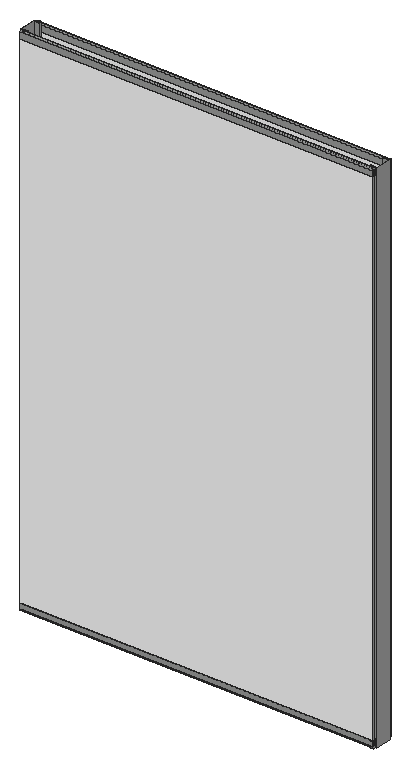
Revit family "FILIGREE_DOUBLE_MESH_PANEL", category Specialty Equipment, Revit 2024
Family settings
  Round Connector Dimension = Use Diameter
  Part Type = Normal
  OmniClass Number = 23.55.00.00
  OmniClass Title = Manufactured Structures
  Work Plane-Based = No
  Enable Cutting in Views = No
  Always vertical = No
  Cut with Voids When Loaded = No
  Maintain Annotation Orientation = No
  Shared = No
  Room Calculation Point = No
Parameters (values of type "Assembly")
  Width [instance] = if(Desired Overall Width < C Min Width, C Min Width, if(Desired Overall Width > C Max Width, C Max Width, Desired Overall Width))  # 4' - 0"
  Warranty URL = "https://palmshieldlouvers.com/wp-content/uploads/2020/01/PalmSHIELD-Warranty-NO-SIGN-LINE.pdf"
  Version = "2020 - v1.0a"  # constant formula
  URL = "https://palmshieldlouvers.com/"
  Product Page URL = "https://palmshieldlouvers.com/products/trellis-louvers/"
  Product Documentation Link = "https://palmshieldlouvers.com/wp-content/uploads/2022/03/PalmSHIELD-ESPALIER-trellis-panel-system-specifications-1.doc"
  Offset From Surface = 0' - 2"  # constant formula
  Model = "Filigree Trellis System - Double"  # constant formula
  Material = Metal - PalmSHIELD - Dusty Grey
  Manufacturer Phone Number = "531-329-4406 "  # constant formula
  Manufacturer Email = "mailto: info@palmshieldlouvers.com"
  Manufacturer Address = "12330 Cary Circle, La Vista, NE 68128"  # constant formula
  Manufacturer = "PalmSHIELD"  # constant formula
  Louver Finish = Metal - PalmSHIELD - Grey Beige
  Keynote = "05 10 00"
  Instruction Sheet Link = "https://palmshieldlouvers.com/wp-content/uploads/2020/01/PalmSHIELD-Post-Panel-Gate-Installation-Instructions-REV-1.pdf"
  ID [instance] = "Not Assigned"
  Height [instance] = if(Desired Overall Height < C Min Height, C Min Height, if(Desired Overall Height > C Max Height, C Max Height, Desired Overall Height))  # 6' - 0"
  Desired Overall Width [instance] = 4' - 0"
  Desired Overall Height [instance] = 6' - 0"
  Desired Bottom Angle [instance] = 0.00°
  Description = "Filigree Trellis System - Double - Panel Assembly"  # constant formula
  Default Elevation = 0' - 0"
  Copyright = "Copyright ©2024 The American Fence Company and PalmSHIELD. All Rights Reserved."  # constant formula
  Component Vis [instance] = yes
  Component Name [instance] = "Filigree Trellis System - Double - Panel Assembly"  # constant formula
  C Min Width [instance] = 4' - 0"  # constant formula
  C Min Height [instance] = C Min Width  # 4' - 0"
  C Max Width [instance] = 5' - 0"  # constant formula
  C Max Height [instance] = 10' - 0"  # constant formula
  C Angle [instance] = if(Desired Bottom Angle > 10.00°, 10.00°, if(Desired Bottom Angle < -10.00°, -10.00°, Desired Bottom Angle))  # 0.00°
  Assembly Code = "F1020100"
Reference planes (in)
  plane 1 "Center (Front/Back)": y = 0
  plane 2: z = 0
  plane 3 "Center (Left/Right)": x = 0
  plane 4: z = 72
  plane 5: x = 48
  plane 6: y = 2.75
  plane 7: y = 1.375
  plane 8: y = 0.125
Lines and regions (in)
  reference lines
    curve 1: line (48, 0, 96.95698) -> (48, 0, -11)
    curve 2: line (-20.8931, 0, 72) -> (71.1069, 0, 72)
Dimensions and locks (in)
  "Desired Overall Height": curve 2 to level
  "Desired Overall Width": curve 1 to plane 3 "Center (Left/Right)"
  "Height": plane 4 to level
  "Width": plane 5 to plane 3 "Center (Left/Right)"
  equal spacing: plane 1 "Center (Front/Back)", plane 7, plane 6
  aligned and locked: plane 2 to level
Automatic sketch dimensions
  curve 2 to plane 3 "Center (Left/Right)" = 1' - 8.8931"
  plane 5 to curve 2 = 1' - 11.1069"
  curve 1 to level = 0' - 11"
  plane 4 to curve 1 = 2' - 0.95698"
Nested families (in)
  nested 1: "Nested-Louver-Assembly-Panel-Palmshield-Filigree_Trellis_System-Double" at (0, 0, 0), Desired Overall Height <- "Desired Overall Height", Desired Overall Width <- "Desired Overall Width", ID <- "ID", Height <- "Height", Width <- "Width", Component Vis <- "Component Vis", visible <- "Component Vis", type "Assembly"
    with Width 4' - 0", Louver Length 3' - 8", ID "Not Assigned", Height 6' - 0", Desired Overall Width 4' - 0", Desired Overall Height 6' - 0", Desired Bottom Angle 0.00°, Component Vis yes, Component Name "Filigree Trellis System - Double - Panel Assembly", C Top Post Length 4' - 0", C Straight Corner Angle 45.00°, C Slope Angle 0.00°, C Side Frame Width 0' - 3", C Side Adjustment 0' - 0", C Right Side Angle 0.00°, C Rib Thickness Bottom Offset 0' - 0 1/4", C Rib Bottom Side Offset 0' - 0", C Louver Offset 0' - 3", C Louver Count 28, C Left Side Angle 0.00°, C Hip 4' - 0", C Frame Offset 0' - 2", C Corner Offset 0' - 3", C Bottom Length 3' - 11 1/2", C Back L Frame Offset 0' - 5", C B-Side Post Length 6' - 0", C B-Side Angle 45.00°, C Angle 90.00°, C A-Side Post Length 6' - 0", C A-Side Angle 45.00°
  nested 2: "Nested-L_Frame-Palmshield-Espalier_Trellis_System-Single" at (47.75, 0, 72) x (0, 1, 0) z (0, 0, -1), type "AL L3" X 3" X 1/4""
    with Slope Angle 0.00°, Material Metal - PalmSHIELD - Dusty Grey, Length 3' - 11 1/2", ID "Not Assigned", Component Name "Filigree Trellis System - Aluminum - U-Edging", B-Side Cut Angle 0.00°, A-Side Cut Angle 0.00°
  nested 3: "Nested-Box_Frame-Palmshield-Espalier_Trellis_System-Single" at (0, 0.376, 72) x (0, 1, 0) z (1, 0, 0), type "AL 1/4" X 3" FB"
    with Slope Angle 0.00°, Material Metal - PalmSHIELD - Dusty Grey, Length 5' - 10", ID "Not Assigned", Component Name "Filigree Trellis System - Channel", B-Side Cut Angle 0.00°, A-Side Cut Angle 0.00°
  nested 4: "Nested-Box_Frame-Palmshield-Espalier_Trellis_System-Single" at (48, 0.376, 2) x (0, 1, 0) z (-1, 0, 0), type "AL 1/4" X 3" FB"
    with Slope Angle 0.00°, Material Metal - PalmSHIELD - Dusty Grey, Length 5' - 10", ID "Not Assigned", Component Name "Filigree Trellis System - Channel", B-Side Cut Angle 0.00°, A-Side Cut Angle 0.00°
  nested 5: "Nested-L_Frame-Palmshield-Espalier_Trellis_System-Single" at (0.25, 0.376, 2) x (0, -1, 0) z (0, 0, 1), type "AL L3" X 3" X 1/4""
    with Slope Angle 0.00°, Material Metal - PalmSHIELD - Dusty Grey, Length 3' - 11 1/2", ID "Not Assigned", Component Name "Filigree Trellis System - Aluminum - U-Edging", B-Side Cut Angle 0.00°, A-Side Cut Angle 0.00°
  nested 6: "Nested-L_Frame-Palmshield-Espalier_Trellis_System-Single" at (47.75, 3, 72) x (0, -1, 0) z (0, 0, -1), type "AL L3" X 3" X 1/4""
    with Slope Angle 0.00°, Material Metal - PalmSHIELD - Dusty Grey, Length 3' - 11 1/2", ID "Not Assigned", Component Name "Filigree Trellis System - Aluminum - U-Edging", B-Side Cut Angle 0.00°, A-Side Cut Angle 0.00°
  nested 7: "Nested-L_Frame-Palmshield-Espalier_Trellis_System-Single" at (0.25, 2.624, 2) x (0, 1, 0) z (0, 0, 1), type "AL L3" X 3" X 1/4""
    with Slope Angle 0.00°, Material Metal - PalmSHIELD - Dusty Grey, Length 3' - 11 1/2", ID "Not Assigned", Component Name "Filigree Trellis System - Aluminum - U-Edging", B-Side Cut Angle 0.00°, A-Side Cut Angle 0.00°
Definition of nested family "Nested-Louver-Assembly-Panel-Palmshield-Filigree_Trellis_System-Double"
  Parameters (values of type "Assembly")
    Width [instance] = if(Desired Overall Width < 4' 0", 4' 0", if(Desired Overall Width > 5' 0", 5' 0", Desired Overall Width))  # 4' - 0"
    Warranty URL = "https://palmshieldlouvers.com/wp-content/uploads/2020/01/PalmSHIELD-Warranty-NO-SIGN-LINE.pdf"
    Version = "2020 - v1.0a"  # constant formula
    URL = "https://palmshieldlouvers.com/"
    Panel Surface Finish = none
    Offset From Surface = 0' - 2"  # constant formula
    Material Note = "For More Panel Finish Options, Please Contact the Manufacturer"  # constant formula
    Material = none
    Louver Separation = 0' - 2 3/8"  # constant formula
    Product Page URL = "https://palmshieldlouvers.com/products/augustus-solid/"
    Product Documentation Link = "https://palmshieldlouvers.com/wp-content/uploads/2020/05/PalmSHIELD-Solid-Composite-Technical-Data-Sheet.pdf"
    Model = "Filigree Trellis System - Double"  # constant formula
    Manufacturer Phone Number = "531-329-4406 "  # constant formula
    Manufacturer Fax Number = "Consult Manufacturer Website for More Information"  # constant formula
    Manufacturer Email = "mailto: info@palmshieldlouvers.com"
    Manufacturer Address = "12330 Cary Circle, La Vista, NE 68128"  # constant formula
    Manufacturer = "PalmSHIELD"  # constant formula
    Louver Length [instance] = Width - 2 * C Side Frame Width + 0' 2"  # 3' - 8"
    Keynote = "05 10 00"
    Instruction Sheet Link = "https://palmshieldlouvers.com/wp-content/uploads/2020/01/PalmSHIELD-Post-Panel-Gate-Installation-Instructions-REV-1.pdf"
    ID [instance] = "Not Assigned"
    Height [instance] = if(Desired Overall Height < 3' 0", 3' 0", if(Desired Overall Height > 10' 0", 10' 0", Desired Overall Height))  # 6' - 0"
    Frame Width = 0' - 3"  # constant formula
    Frame Thickness = 0' - 0 1/4"  # constant formula
    Desired Overall Width [instance] = 4' - 0"
    Desired Overall Height [instance] = 6' - 0"
    Description = "Filigree Trellis System - Double - Panel Assembly"  # constant formula
    Default Elevation = 0' - 0"
    Copyright = "Copyright ©2024 The American Fence Company and PalmSHIELD. All Rights Reserved."  # constant formula
    Component Vis [instance] = yes
    Component Name [instance] = "Filigree Trellis System - Double - Panel Assembly"  # constant formula
    C Top Post Length [instance] = Width  # 4' - 0"
    C Straight Corner Angle [instance] = 0.00°
    C Slope Angle [instance] = if(Desired Bottom Angle < -25.00°, 25.00°, if(Desired Bottom Angle > 25.00°, 25.00°, Desired Bottom Angle))  # 0.00°
    C Side Frame Width [instance] = 0' - 3"  # constant formula
    C Right Side Angle [instance] = -C Slope Angle  # 0.00°
    C Rib Thickness Bottom Offset [instance] = Frame Thickness * cos(C Slope Angle)  # 0' - 0 1/4"
    C Rib Bottom Side Offset [instance] = if(C Slope Angle < 0.00°, -Frame Thickness * sin(C Slope Angle), Frame Thickness * sin(C Slope Angle))  # 0' - 0"
    C Louver Overlap = 0' - 0 5/8"  # constant formula
    C Louver Offset [instance] = if(C Side Adjustment < 0' 0", -C Side Adjustment + (Frame Width / sin([C A-Side Angle])) * cos([C A-Side Angle]), Frame Width)  # 0' - 3"
    C Louver Count [instance] = if(C Slope Angle < 0.00°, (Height - 2 * Frame Width + C Louver Overlap * 2) / Louver Separation, (Height - 2 * Frame Width + C Louver Overlap * 2 - C Hip * sin(C Slope Angle)) / Louver Separation)  # 28
    C Left Side Angle [instance] = C Slope Angle  # 0.00°
    C Hip [instance] = Width / cos(C Slope Angle)  # 4' - 0"
    C Side Adjustment [instance] = -C Hip * sin(C Slope Angle)  # 0' - 0"
    C Frame Offset [instance] = C Side Frame Width - 0' 1"  # 0' - 2"
    C Corner Offset [instance] = if(C Slope Angle > 0.00°, Frame Width / sin([C A-Side Angle]) * cos([C A-Side Angle]), if(C Slope Angle < 0.00°, Frame Width / sin([C A-Side Angle]) * cos([C A-Side Angle]), 0' 3"))  # 0' - 3"
    C Bottom Length [instance] = Width - 2 * Frame Thickness  # 3' - 11 1/2"
    C Back L Frame Offset [instance] = 0' 5" - (Frame Thickness * sin(C Slope Angle))  # 0' - 5"
    C B-Side Post Length [instance] = Height + C Side Adjustment  # 6' - 0"
    C B-Side Angle [instance] = (90.00° - C Slope Angle) / 2  # 45.00°
    C Angle [instance] = if(C Slope Angle < -25.00°, 90.00° - 25.00°, if(C Slope Angle > 25.00°, 90.00° + 25.00°, 90.00° - C Slope Angle))  # 90.00°
    Desired Bottom Angle [instance] = 0.00°
    C A-Side Post Length [instance] = Height  # 6' - 0"
    C A-Side Angle [instance] = (90.00° + C Slope Angle) / 2  # 45.00°
    Assembly Code = "F1020100"
  Reference planes (in)
    plane 1 "Center (Front/Back)": y = 0
    plane 2: z = 0
    plane 3 "Side A": x = 0
    plane 4 "Top": z = 72
    plane 5 "Side B": x = 48
    plane 6: z = 2
    plane 7: x = 0.25
    plane 8: x = 47.75
    plane 9: z = 69
    plane 10: z = 69.625
    plane 11: y = 0.25
    plane 12: y = 1.125
    plane 13: z = 71.75
    plane 14: z = 2
    plane 15: z = 2.25
    plane 16: x = 0
    plane 17: x = 2
    plane 18 "Front": y = 3
    plane 19: y = 1.5
    plane 20: x = 24
    plane 21: z = 3
    plane 22: y = 2.75
    plane 23: y = 0.376
    plane 24: x = 47.75
  Forms (in)
    Extrusion 1, solid
      sketch origin (0, 0, 0) x (1, 0, 0) y (0, 1, 0)
        loop
          line (-48, 48) -> (-48, -48) -> (48, -48) -> (48, 48) -> (-48, 48)
      from 0 to -12
  Lines and regions (in)
    reference lines
      curve 1: line (0, 0, 2) -> (84, 0, 2)
      curve 2: line (-27.58202, 0, 72) -> (60.81396, 0, 72)
      curve 3: line (48, 0, 76.70206) -> (48, 0, -11.93476)
      curve 4: line (0, 0, 5) -> (48, 0, 5)
      curve 5: line (0, 0, 5) -> (5.25, 0, 5)
      curve 6: line (48, 0, 5) -> (42.5, 0, 5)
      curve 7: line (0, 0, 10) -> (5.25, 0, 10)
      curve 8: line (0, 0, 5) -> (5.25, 0, 5)
      curve 9: line (48, 0, 0) -> (42.5, 0, 0)
      curve 10: line (48, 0, 5) -> (42.5, 0, 5)
  Dimensions and locks (in)
    "Width": plane 5 "Side B" to plane 3 "Side A"
    "Offset From Surface": plane 6 to Extrusion 1
    "Frame Thickness": plane 7 to plane 3 "Side A"
    "Frame Thickness": plane 5 "Side B" to plane 8
    "Frame Width": plane 4 "Top" to plane 9
    "C Louver Overlap": plane 10 to plane 9
    "Frame Thickness": plane 11 to plane 1 "Center (Front/Back)"
    plane 3 "Side A" to plane 5 "Side B" = 4' - 0"
    "Frame Thickness": plane 4 "Top" to plane 13
    "C Rib Thickness Bottom Offset": plane 15 to plane 6
    "C Rib Bottom Side Offset": plane 3 "Side A" to plane 16
    "Desired Overall Width": curve 3 to plane 3 "Side A"
    "C Frame Offset": plane 17 to plane 3 "Side A"
    "Frame Width": plane 1 "Center (Front/Back)" to plane 18 "Front"
    equal spacing: plane 1 "Center (Front/Back)", plane 19, plane 18 "Front"
    equal spacing: plane 5 "Side B", plane 20, plane 3 "Side A"
    locked: curve 5 to plane 3 "Side A" at 5.25
    locked: plane 5 "Side B" to curve 6 at 5.5
    locked: curve 7 to plane 3 "Side A" at 5.25
    locked: curve 8 to plane 3 "Side A" at 5.25
    locked: plane 5 "Side B" to curve 10 at 5.5
    locked: plane 5 "Side B" to curve 9 at 5.5
    locked: plane 21 to plane 6 at 1
    locked: plane 18 "Front" to plane 22 at 0.25
    "Desired Overall Height": curve 2 to plane 2
    "Height": plane 4 "Top" to plane 2
    locked: plane 1 "Center (Front/Back)" to plane 23 at 0.376
    "Frame Thickness": plane 5 "Side B" to plane 24
    "C Angle": angle curve 1 to plane 3 "Side A"
    locked: curve 5 to plane 3 "Side A" (angle 90.00°)
    locked: plane 5 "Side B" to curve 6 (angle 90.00°)
    locked: curve 7 to plane 3 "Side A" (angle 90.00°)
    locked: curve 8 to plane 3 "Side A" (angle 90.00°)
    locked: plane 5 "Side B" to curve 10 (angle 90.00°)
    locked: plane 5 "Side B" to curve 9 (angle 90.00°)
    aligned and locked: plane 2 to Extrusion 1
    aligned and locked: level to Extrusion 1
    aligned and locked: plane 6 to curve 1
    aligned and locked: plane 3 "Side A" to curve 1
    aligned and locked: nested 1 to plane 1 "Center (Front/Back)"
    aligned and locked: plane 3 "Side A" to curve 4
    aligned and locked: plane 5 "Side B" to curve 4
    aligned and locked: plane 3 "Side A" to curve 5
    aligned and locked: plane 5 "Side B" to curve 6
    aligned and locked: curve 4 to curve 4
    aligned and locked: curve 4 to curve 6
    aligned and locked: plane 3 "Side A" to curve 7
    aligned and locked: plane 3 "Side A" to curve 8
    aligned and locked: plane 5 "Side B" to curve 10
    aligned and locked: plane 5 "Side B" to curve 9
    aligned and locked: nested 2 to plane 20
    aligned and locked: plane 23 to nested 3
    aligned and locked: plane 23 to nested 4
    aligned and locked: nested 5 to plane 1 "Center (Front/Back)"
    aligned and locked: plane 14 to nested 4
    aligned and locked: plane 4 "Top" to nested 4
    aligned and locked: nested 3 to plane 4 "Top"
    aligned and locked: nested 3 to plane 6
    aligned and locked: plane 24 to nested 1
    aligned and locked: nested 1 to plane 7
    aligned and locked: nested 5 to plane 7
    aligned and locked: nested 6 to nested 7
    aligned and locked: plane 18 "Front" to nested 8
    aligned and locked: nested 7 to plane 18 "Front"
    aligned and locked: plane 7 to nested 8
    aligned and locked: nested 6 to plane 7
    aligned and locked: plane 20 to nested 7
  Automatic sketch dimensions
    Extrusion 1 sketch curve to Extrusion 1 sketch curve = 8' - 0"  (x2)
    curve 1 to curve 4 = 0' - 3"
    curve 5 to curve 4 = 0' - 0"
    curve 8 to curve 5 = 0' - 0"
    curve 5 to curve 7 = 0' - 5"
    curve 10 to curve 6 = 0' - 0"
    curve 6 to curve 9 = 0' - 5"
    curve 2 to plane 3 "Side A" = 2' - 3 149/256"
    plane 5 "Side B" to curve 2 = 1' - 0.81396"
    curve 3 to level = 0' - 11.93476"
    plane 4 "Top" to curve 3 = 0' - 4.70206"
  Nested families (in)
    nested 1: "Nested-L_Frame-Palmshield-Espalier_Trellis_System-Single" at (47.75, 0, 72) x (0, 1, 0) z (0, 0, -1), ID <- "ID", Material <- "Material", A-Side Cut Angle <- "C Straight Corner Angle", B-Side Cut Angle <- "C Straight Corner Angle", visible <- "Component Vis", type "AL L3" X 3" X 1/4""
      with Slope Angle 0.00°, Material none, Length 3' - 11 1/2", ID "Not Assigned", Component Name "Filigree Trellis System - Aluminum - U-Edging", B-Side Cut Angle 0.00°, A-Side Cut Angle 0.00°
    nested 2: "(Do_Not_Use-Nested)-Aluminum_Sheet-Palmshield-Espalier_Trellis_System" at (0.25, 0, 3), Material <- "Material", Surface Finish <- "Panel Surface Finish", C Overall Panel Height <- "Height", C Overall Panel Width <- "Width", C Angle <- "C Angle", visible <- "Component Vis", type "Perforated Sheet"
      with Width 3' - 11 1/2", Surface Finish none, Material none, ID "", Height 5' - 8", Component Name "Espalier Trellis System - Perforated Sheet", C Overall Panel Width 4' - 0", C Overall Panel Height 6' - 0", C Frame Thickness 0' - 0 1/4", C Angle 90.00°
    nested 3: "Nested-Box_Frame-Palmshield-Espalier_Trellis_System-Single" at (0, 0.376, 72) x (0, 1, 0) z (1, 0, 0), visible <- "Component Vis", type "AL 1/4" X 3" FB"
      with Slope Angle 0.00°, Material none, Length 5' - 10", ID "Not Assigned", Component Name "Filigree Trellis System - Channel", B-Side Cut Angle 0.00°, A-Side Cut Angle 0.00°
    nested 4: "Nested-Box_Frame-Palmshield-Espalier_Trellis_System-Single" at (48, 0.376, 2) x (0, 1, 0) z (-1, 0, 0), visible <- "Component Vis", type "AL 1/4" X 3" FB"
      with Slope Angle 0.00°, Material none, Length 5' - 10", ID "Not Assigned", Component Name "Filigree Trellis System - Channel", B-Side Cut Angle 0.00°, A-Side Cut Angle 0.00°
    nested 5: "Nested-L_Frame-Palmshield-Espalier_Trellis_System-Single" at (0.25, 0.376, 2) x (0, -1, 0) z (0, 0, 1), ID <- "ID", Material <- "Material", A-Side Cut Angle <- "C Straight Corner Angle", B-Side Cut Angle <- "C Straight Corner Angle", visible <- "Component Vis", Length <- "C Bottom Length", type "AL L3" X 3" X 1/4""
      with Slope Angle 0.00°, Material none, Length 3' - 11 1/2", ID "Not Assigned", Component Name "Filigree Trellis System - Aluminum - U-Edging", B-Side Cut Angle 0.00°, A-Side Cut Angle 0.00°
    nested 6: "Nested-L_Frame-Palmshield-Espalier_Trellis_System-Single" at (47.75, 3, 72) x (0, -1, 0) z (0, 0, -1), ID <- "ID", Material <- "Material", A-Side Cut Angle <- "C Straight Corner Angle", B-Side Cut Angle <- "C Straight Corner Angle", visible <- "Component Vis", Length <- "C Bottom Length", type "AL L3" X 3" X 1/4""
      with Slope Angle 0.00°, Material none, Length 3' - 11 1/2", ID "Not Assigned", Component Name "Filigree Trellis System - Aluminum - U-Edging", B-Side Cut Angle 0.00°, A-Side Cut Angle 0.00°
    nested 7: "(Do_Not_Use-Nested)-Aluminum_Sheet-Palmshield-Espalier_Trellis_System" at (0.25, 3, 3), Material <- "Material", Surface Finish <- "Panel Surface Finish", C Overall Panel Height <- "Height", C Overall Panel Width <- "Width", C Angle <- "C Angle", visible <- "Component Vis", type "Perforated Sheet"
      with Width 3' - 11 1/2", Surface Finish none, Material none, ID "", Height 5' - 8", Component Name "Espalier Trellis System - Perforated Sheet", C Overall Panel Width 4' - 0", C Overall Panel Height 6' - 0", C Frame Thickness 0' - 0 1/4", C Angle 90.00°
    nested 8: "Nested-L_Frame-Palmshield-Espalier_Trellis_System-Single" at (0.25, 2.624, 2) x (0, 1, 0) z (0, 0, 1), ID <- "ID", Material <- "Material", A-Side Cut Angle <- "C Straight Corner Angle", B-Side Cut Angle <- "C Straight Corner Angle", visible <- "Component Vis", Length <- "C Bottom Length", type "AL L3" X 3" X 1/4""
      with Slope Angle 0.00°, Material none, Length 3' - 11 1/2", ID "Not Assigned", Component Name "Filigree Trellis System - Aluminum - U-Edging", B-Side Cut Angle 0.00°, A-Side Cut Angle 0.00°
  Definition of nested family "Nested-L_Frame-Palmshield-Espalier_Trellis_System-Single"
    Parameters (values of type "1/4" X 1" ALUMINUM - U-EDGING")
      Width = 0' - 1"  # constant formula
      Warranty URL = "https://palmshieldlouvers.com/wp-content/uploads/2020/01/PalmSHIELD-Warranty-NO-SIGN-LINE.pdf"
      Version = "2020 - v1.0a"  # constant formula
      URL = "https://palmshieldlouvers.com/"
      Thickness = 0' - 0 1/4"  # constant formula
      Slope Angle [instance] = 0.00°
      Product Page URL = "https://palmshieldlouvers.com/products/filigree-trellis-system/"
      Product Documentation Link = "https://palmshieldlouvers.com/wp-content/uploads/2022/03/PalmSHIELD-FILIGREE-trellis-panel-system-specifications.doc"
      Model = "Filigree Trellis System - Double"  # constant formula
      Material [instance] = none
      Manufacturer Phone Number = "531-329-4406 "  # constant formula
      Manufacturer Fax Number = "Consult Manufacturer Website for More Information"  # constant formula
      Manufacturer Email = "mailto: info@palmshieldlouvers.com"
      Manufacturer Address = "12330 Cary Circle, La Vista, NE 68128"  # constant formula
      Manufacturer = "PalmSHIELD"  # constant formula
      Length [instance] = 4' - 4.86713"
      Keynote = "05 10 00"
      Instruction Sheet Link = "https://palmshieldlouvers.com/wp-content/uploads/2020/01/PalmSHIELD-Post-Panel-Gate-Installation-Instructions-REV-1.pdf"
      ID [instance] = ""
      Description = "Filigree Trellis System - U-Edging"  # constant formula
      Default Elevation = 4' - 0"
      Copyright = "Copyright ©2024 The American Fence Company and PalmSHIELD. All Rights Reserved."  # constant formula
      Component Name [instance] = "Filigree Trellis System - Aluminum - U-Edging"  # constant formula
      C Hole Offset = 0' - 1 1/2"  # constant formula
      B-Side Cut Angle [instance] = Slope Angle  # 0.00°
      Assembly Code = "F1020100"
      A-Side Cut Angle [instance] = -Slope Angle  # 0.00°
    Types (2): name | Product Page URL | Product Documentation Link
      1/4" X 1" ALUMINUM - U-EDGING | "https://palmshieldlouvers.com/products/filigree-trellis-system/" | "https://palmshieldlouvers.com/wp-content/uploads/2022/03/PalmSHIELD-FILIGREE-trellis-panel-system-specifications.doc"
      AL L3" X 3" X 1/4" | "https://palmshieldlouvers.com/products/square-wire-mesh/" | "https://palmshieldlouvers.com/wp-content/uploads/2020/04/PalmSHIELD-Wire-Mesh-Technical-Data-Sheet.pdf"
    Reference planes (in)
      plane 1 "Center (Front/Back)": y = 0
      plane 2: z = 0
      plane 3 "Center (Left/Right)": x = 0
      plane 4: x = 1
      plane 5: y = -52.86713
      plane 6: z = 1
      plane 7: y = 3.00184
      plane 8: y = -55.86897
    Forms (in)
      Extrusion 1, solid
        sketch origin (0, 0, 0) x (1, 0, 0) y (0, 1, 0)
          loop
            line (-48, 48) -> (-48, -48) -> (48, -48) -> (48, 48) -> (-48, 48)
        from 0 to -12
      Sweep 2, solid, material <- "Material"
        path origin (0, 0, 0) x (0, 1, 0) y (0, 0, 1)
          loop
            line (3.00184, 0) -> (-55.86897, 0)
        profile "Profile-Palmshield-L : 1/4" X 1" ALUMINUM - U-EDGING" origin (0, -26.43357, 0) x (0, 0, -1) y (1, 0, 0)
          loop
            arc (-0.188, 0.313) -> (-0.063, 0.188) -> (-0.188, 0.063) r 0.125
            line (-0.188, 0.063) -> (-1, 0.063) -> (-1, 0) -> (-0.188, 0)
            arc (-0.188, 0) -> (0, 0.188) -> (-0.188, 0.376) r 0.188
            line (-0.188, 0.376) -> (-1, 0.376) -> (-1, 0.313) -> (-0.188, 0.313)
      Extrusion 3, void
        sketch origin (0, 0, 0) x (0, 1, 0) y (0, 0, 1)
          loop
            line (0, 1) -> (0, 0) -> (4.7449, 0) -> (4.7449, 1) -> (0, 1)
          loop
            line (-57.61203, 1) -> (-57.61203, 0) -> (-52.86713, 0) -> (-52.86713, 1) -> (-57.61203, 1)
        from 0 to 1
    Cuts and joins
      Extrusion 3 cuts Sweep 2
    Dimensions and locks (in)
      "Width": plane 3 "Center (Left/Right)" to plane 4
      "Length": plane 1 "Center (Front/Back)" to plane 5
      "Width": plane 6 to plane 2
      locked: Extrusion 3 sketch curve to plane 1 "Center (Front/Back)" at 4.7449
      locked: plane 5 to Extrusion 3 sketch curve at 4.7449
      locked: plane 7 to plane 1 "Center (Front/Back)" at 3.00184
      locked: plane 5 to plane 8 at 3.00184
      "B-Side Cut Angle": angle Extrusion 3 sketch curve to plane 1 "Center (Front/Back)"
      "A-Side Cut Angle": angle plane 5 to Extrusion 3 sketch curve
      aligned and locked: plane 2 to Extrusion 1
      aligned and locked: level to Extrusion 1
      aligned and locked: Extrusion 3 sketch curve to plane 6
      aligned and locked: level to Extrusion 3 sketch curve
      aligned and locked: plane 6 to Extrusion 3 sketch curve
      aligned and locked: Extrusion 3 sketch curve to plane 2
      aligned and locked: plane 1 "Center (Front/Back)" to Extrusion 3 sketch curve
      aligned and locked: plane 2 to Extrusion 3 sketch curve
      aligned and locked: plane 5 to Extrusion 3 sketch curve
      aligned and locked: Extrusion 3 to plane 3 "Center (Left/Right)"
      aligned and locked: Extrusion 3 to plane 4
      aligned and locked: plane 7 to Sweep 2 sketch curve
      aligned and locked: plane 8 to Sweep 2 sketch curve
    Automatic sketch dimensions
      Extrusion 1 sketch curve to Extrusion 1 sketch curve = 8' - 0"  (x2)
      Sweep 2 sketch curve to level = 0' - 0"
  Definition of nested family "(Do_Not_Use-Nested)-Aluminum_Sheet-Palmshield-Espalier_Trellis_System"
    Parameters (values of type "Perforated Sheet")
      Width [instance] = C Overall Panel Width - 2 * C Frame Thickness  # 5' - 10.36614"
      Warranty URL = "https://palmshieldlouvers.com/wp-content/uploads/2020/01/PalmSHIELD-Warranty-NO-SIGN-LINE.pdf"
      Version = "2020 - v1.0a"  # constant formula
      URL = "https://palmshieldlouvers.com/"
      Thickness = 0' - 0 1/4"  # constant formula
      Surface Finish [instance] = none
      Product Page URL = "https://palmshieldlouvers.com/products/square-wire-mesh/"
      Product Documentation Link = "https://palmshieldlouvers.com/wp-content/uploads/2020/04/PalmSHIELD-Wire-Mesh-Technical-Data-Sheet.pdf"
      Model = "Espalier Trellis System - Double"  # constant formula
      Material [instance] = none
      Manufacturer Phone Number = "531-329-4406 "  # constant formula
      Manufacturer Fax Number = "Consult Manufacturer Website for More Information"  # constant formula
      Manufacturer Email = "mailto: info@palmshieldlouvers.com"
      Manufacturer Address = "12330 Cary Circle, La Vista, NE 68128"  # constant formula
      Manufacturer = "PalmSHIELD"  # constant formula
      Keynote = "05 10 00"
      Instruction Sheet Link = "https://palmshieldlouvers.com/wp-content/uploads/2020/01/PalmSHIELD-Post-Panel-Gate-Installation-Instructions-REV-1.pdf"
      ID [instance] = ""
      Height [instance] = C Overall Panel Height - 0' 4"  # 7' - 10.4252"
      Description = "Espalier Trellis System - Perforated Sheet"  # constant formula
      Default Elevation = 4' - 0"
      Copyright = "Copyright ©2024 The American Fence Company and PalmSHIELD. All Rights Reserved."  # constant formula
      Component Name [instance] = "Espalier Trellis System - Perforated Sheet"  # constant formula
      C Overall Panel Width [instance] = 5' - 10.86614"
      C Overall Panel Height [instance] = 8' - 2.4252"
      C Frame Thickness [instance] = 0' - 0 1/4"  # constant formula
      C Angle [instance] = 90.00°
      Assembly Code = "F1020100"
    Reference planes (in)
      plane 1 "Center (Front/Back)": y = 0
      plane 2: z = 0
      plane 3 "Center (Left/Right)": x = 0
      plane 4: y = -0.25
    Forms (in)
      Extrusion 1, solid
        sketch origin (0, 0, 0) x (1, 0, 0) y (0, 1, 0)
          loop
            line (-48, 48) -> (-48, -48) -> (48, -48) -> (48, 48) -> (-48, 48)
        from 0 to -12
      Extrusion 2, solid, material <- "Material"
        sketch origin (0, 0, 0) x (1, 0, 0) y (0, 0, 1)
          loop
            line (0, 94.4252) -> (0, 0) -> (70.36614, 0) -> (70.36614, 94.4252) -> (0, 94.4252)
        from 0 to 0.25
    Lines and regions (in)
      reference lines
        curve 1: line (0, 0, 0) -> (88, 0, 0)
        curve 2: line (-16.33605, 0, 94.4252) -> (99.74392, 0, 94.4252)
        curve 3: line (70.36614, 0, 125.59401) -> (70.36614, 0, 9.45825)
        curve 4: line (35.18307, 0, 123.65758) -> (35.18307, 0, -23.04026)
        curve 5: line (-16.33605, 0, 47.2126) -> (103.08084, 0, 47.2126)
    Dimensions and locks (in)
      "Thickness": plane 4 to plane 1 "Center (Front/Back)"
      "Width": curve 3 to plane 3 "Center (Left/Right)"
      "Height": curve 2 to plane 2
      equal spacing: curve 3, curve 4, plane 3 "Center (Left/Right)"
      equal spacing: curve 2, curve 5, plane 2
      "C Angle": angle curve 1 to plane 3 "Center (Left/Right)"
      aligned and locked: plane 2 to Extrusion 1
      aligned and locked: level to Extrusion 1
      aligned and locked: plane 3 "Center (Left/Right)" to curve 1
      aligned and locked: plane 2 to curve 1
      aligned and locked: Extrusion 2 sketch curve to plane 3 "Center (Left/Right)"
      aligned and locked: Extrusion 2 to plane 4
      aligned and locked: Extrusion 2 to plane 1 "Center (Front/Back)"
      aligned and locked: curve 2 to Extrusion 2 sketch curve
      aligned and locked: curve 3 to Extrusion 2 sketch curve
      aligned and locked: Extrusion 2 sketch curve to curve 1
    Automatic sketch dimensions
      Extrusion 1 sketch curve to Extrusion 1 sketch curve = 8' - 0"  (x2)
      curve 2 to plane 3 "Center (Left/Right)" = 1' - 4.33605"
      curve 5 to plane 3 "Center (Left/Right)" = 1' - 4.33605"
      curve 3 to curve 2 = 2' - 5.37778"
      curve 2 to curve 5 = 0' - 3.33692"
      curve 4 to level = 1' - 11.04026"
      level to curve 3 = 0' - 9.45825"
      curve 2 to curve 4 = 2' - 5.23239"
      curve 4 to curve 3 = 0' - 1.93643"
  Definition of nested family "Nested-Box_Frame-Palmshield-Espalier_Trellis_System-Single"
    Parameters (values of type "7/8" X 2-1/4" X 1/8" - ALUMINUM CHANNEL")
      Width = 0' - 2 1/4"  # constant formula
      Warranty URL = "https://palmshieldlouvers.com/wp-content/uploads/2020/01/PalmSHIELD-Warranty-NO-SIGN-LINE.pdf"
      Version = "2020 - v1.0a"  # constant formula
      URL = "https://palmshieldlouvers.com/"
      Thickness = 0' - 0 1/8"  # constant formula
      Slope Angle [instance] = -5.00°
      Product Page URL = "https://palmshieldlouvers.com/products/filigree-trellis-system/"
      Product Documentation Link = "https://palmshieldlouvers.com/wp-content/uploads/2022/03/PalmSHIELD-FILIGREE-trellis-panel-system-specifications.doc"
      Model = "Filigree Trellis System - Double"  # constant formula
      Material [instance] = none
      Manufacturer Phone Number = "531-329-4406 "  # constant formula
      Manufacturer Fax Number = "Consult Manufacturer Website for More Information"  # constant formula
      Manufacturer Email = "mailto: info@palmshieldlouvers.com"
      Manufacturer Address = "12330 Cary Circle, La Vista, NE 68128"  # constant formula
      Manufacturer = "PalmSHIELD"  # constant formula
      Length [instance] = 4' - 4.86713"
      Keynote = "05 10 00"
      Instruction Sheet Link = "https://palmshieldlouvers.com/wp-content/uploads/2020/01/PalmSHIELD-Post-Panel-Gate-Installation-Instructions-REV-1.pdf"
      ID [instance] = ""
      Description = "Filigree Trellis System - Box Frame"  # constant formula
      Default Elevation = 4' - 0"
      Copyright = "Copyright ©2024 The American Fence Company and PalmSHIELD. All Rights Reserved."  # constant formula
      Component Name [instance] = "Filigree Trellis System - Channel"  # constant formula
      C Hole Offset = 0' - 1 1/2"  # constant formula
      B-Side Cut Angle [instance] = Slope Angle  # -5.00°
      Assembly Code = "F1020100"
      A-Side Cut Angle [instance] = -Slope Angle  # 5.00°
    Types (2): name | Product Page URL | Product Documentation Link
      7/8" X 2-1/4" X 1/8" - ALUMINUM CHANNEL | "https://palmshieldlouvers.com/products/filigree-trellis-system/" | "https://palmshieldlouvers.com/wp-content/uploads/2022/03/PalmSHIELD-FILIGREE-trellis-panel-system-specifications.doc"
      AL 1/4" X 3" FB | "https://palmshieldlouvers.com/products/square-wire-mesh/" | "https://palmshieldlouvers.com/wp-content/uploads/2020/04/PalmSHIELD-Wire-Mesh-Technical-Data-Sheet.pdf"
    Reference planes (in)
      plane 1 "Center (Front/Back)": y = 0
      plane 2: z = 0
      plane 3 "Center (Left/Right)": x = 0
      plane 4: x = 2.25
      plane 5: y = -52.86713
      plane 6: z = 0.875
      plane 7: y = 3.00184
      plane 8: y = -55.86897
    Forms (in)
      Extrusion 1, solid
        sketch origin (0, 0, 0) x (1, 0, 0) y (0, 1, 0)
          loop
            line (-48, 48) -> (-48, -48) -> (48, -48) -> (48, 48) -> (-48, 48)
        from 0 to -12
      Sweep 2, solid, material <- "Material"
        path origin (0, 0, 0) x (0, 1, 0) y (0, 0, 1)
          loop
            line (3.00184, 0) -> (-55.86897, 0)
        profile "Profile-Palmshield-U : 7/8" X 2-1/4" X 1/8" - U Channel" origin (0, -26.43357, 0) x (0, 0, -1) y (1, 0, 0)
          loop
            line (-0.125, 0.125) -> (-0.875, 0.125) -> (-0.875, 0) -> (0, 0) -> (0, 2.25) -> (-0.875, 2.25) -> (-0.875, 2.125) -> (-0.125, 2.125) -> (-0.125, 0.125)
      Extrusion 3, void
        sketch origin (0, 0, 0) x (0, 1, 0) y (0, 0, 1)
          loop
            line (0.07655, 0.875) -> (0, 0) -> (4.7449, 0) -> (4.7449, 0.875) -> (0.07655, 0.875)
          loop
            line (-57.61203, 0.875) -> (-57.61203, 0) -> (-52.86713, 0) -> (-52.79058, 0.875) -> (-57.61203, 0.875)
        from 0 to 2.25
    Cuts and joins
      Extrusion 3 cuts Sweep 2
    Dimensions and locks (in)
      "Width": plane 3 "Center (Left/Right)" to plane 4
      "Length": plane 1 "Center (Front/Back)" to plane 5
      locked: Extrusion 3 sketch curve to plane 1 "Center (Front/Back)" at 4.7449
      locked: plane 5 to Extrusion 3 sketch curve at 4.7449
      locked: plane 7 to plane 1 "Center (Front/Back)" at 3.00184
      locked: plane 5 to plane 8 at 3.00184
      locked: plane 6 to plane 2 at 0.875
      "B-Side Cut Angle": angle Extrusion 3 sketch curve to plane 1 "Center (Front/Back)"
      "A-Side Cut Angle": angle plane 5 to Extrusion 3 sketch curve
      aligned and locked: plane 2 to Extrusion 1
      aligned and locked: level to Extrusion 1
      aligned and locked: Extrusion 3 sketch curve to plane 6
      aligned and locked: level to Extrusion 3 sketch curve
      aligned and locked: plane 6 to Extrusion 3 sketch curve
      aligned and locked: Extrusion 3 sketch curve to plane 2
      aligned and locked: plane 1 "Center (Front/Back)" to Extrusion 3 sketch curve
      aligned and locked: plane 2 to Extrusion 3 sketch curve
      aligned and locked: plane 5 to Extrusion 3 sketch curve
      aligned and locked: Extrusion 3 to plane 3 "Center (Left/Right)"
      aligned and locked: Extrusion 3 to plane 4
      aligned and locked: plane 7 to Sweep 2 sketch curve
      aligned and locked: plane 8 to Sweep 2 sketch curve
    Automatic sketch dimensions
      Extrusion 1 sketch curve to Extrusion 1 sketch curve = 8' - 0"  (x2)
      Sweep 2 sketch curve to level = 0' - 0"
Definition of nested family "Nested-L_Frame-Palmshield-Espalier_Trellis_System-Single"
  Parameters (values of type "1/4" X 1" ALUMINUM - U-EDGING")
    Width = 0' - 1"  # constant formula
    Warranty URL = "https://palmshieldlouvers.com/wp-content/uploads/2020/01/PalmSHIELD-Warranty-NO-SIGN-LINE.pdf"
    Version = "2020 - v1.0a"  # constant formula
    URL = "https://palmshieldlouvers.com/"
    Thickness = 0' - 0 1/4"  # constant formula
    Slope Angle [instance] = 0.00°
    Product Page URL = "https://palmshieldlouvers.com/products/filigree-trellis-system/"
    Product Documentation Link = "https://palmshieldlouvers.com/wp-content/uploads/2022/03/PalmSHIELD-FILIGREE-trellis-panel-system-specifications.doc"
    Model = "Filigree Trellis System - Double"  # constant formula
    Material [instance] = none
    Manufacturer Phone Number = "531-329-4406 "  # constant formula
    Manufacturer Fax Number = "Consult Manufacturer Website for More Information"  # constant formula
    Manufacturer Email = "mailto: info@palmshieldlouvers.com"
    Manufacturer Address = "12330 Cary Circle, La Vista, NE 68128"  # constant formula
    Manufacturer = "PalmSHIELD"  # constant formula
    Length [instance] = 4' - 4.86713"
    Keynote = "05 10 00"
    Instruction Sheet Link = "https://palmshieldlouvers.com/wp-content/uploads/2020/01/PalmSHIELD-Post-Panel-Gate-Installation-Instructions-REV-1.pdf"
    ID [instance] = ""
    Description = "Filigree Trellis System - U-Edging"  # constant formula
    Default Elevation = 4' - 0"
    Copyright = "Copyright ©2024 The American Fence Company and PalmSHIELD. All Rights Reserved."  # constant formula
    Component Name [instance] = "Filigree Trellis System - Aluminum - U-Edging"  # constant formula
    C Hole Offset = 0' - 1 1/2"  # constant formula
    B-Side Cut Angle [instance] = Slope Angle  # 0.00°
    Assembly Code = "F1020100"
    A-Side Cut Angle [instance] = -Slope Angle  # 0.00°
  Types (2): name | Product Page URL | Product Documentation Link
    1/4" X 1" ALUMINUM - U-EDGING | "https://palmshieldlouvers.com/products/filigree-trellis-system/" | "https://palmshieldlouvers.com/wp-content/uploads/2022/03/PalmSHIELD-FILIGREE-trellis-panel-system-specifications.doc"
    AL L3" X 3" X 1/4" | "https://palmshieldlouvers.com/products/square-wire-mesh/" | "https://palmshieldlouvers.com/wp-content/uploads/2020/04/PalmSHIELD-Wire-Mesh-Technical-Data-Sheet.pdf"
  Reference planes (in)
    plane 1 "Center (Front/Back)": y = 0
    plane 2: z = 0
    plane 3 "Center (Left/Right)": x = 0
    plane 4: x = 1
    plane 5: y = -52.86713
    plane 6: z = 1
    plane 7: y = 3.00184
    plane 8: y = -55.86897
  Forms (in)
    Extrusion 1, solid
      sketch origin (0, 0, 0) x (1, 0, 0) y (0, 1, 0)
        loop
          line (-48, 48) -> (-48, -48) -> (48, -48) -> (48, 48) -> (-48, 48)
      from 0 to -12
    Sweep 2, solid, material <- "Material"
      path origin (0, 0, 0) x (0, 1, 0) y (0, 0, 1)
        loop
          line (3.00184, 0) -> (-55.86897, 0)
      profile "Profile-Palmshield-L : 1/4" X 1" ALUMINUM - U-EDGING" origin (0, -26.43357, 0) x (0, 0, -1) y (1, 0, 0)
        loop
          arc (-0.188, 0.313) -> (-0.063, 0.188) -> (-0.188, 0.063) r 0.125
          line (-0.188, 0.063) -> (-1, 0.063) -> (-1, 0) -> (-0.188, 0)
          arc (-0.188, 0) -> (0, 0.188) -> (-0.188, 0.376) r 0.188
          line (-0.188, 0.376) -> (-1, 0.376) -> (-1, 0.313) -> (-0.188, 0.313)
    Extrusion 3, void
      sketch origin (0, 0, 0) x (0, 1, 0) y (0, 0, 1)
        loop
          line (0, 1) -> (0, 0) -> (4.7449, 0) -> (4.7449, 1) -> (0, 1)
        loop
          line (-57.61203, 1) -> (-57.61203, 0) -> (-52.86713, 0) -> (-52.86713, 1) -> (-57.61203, 1)
      from 0 to 1
  Cuts and joins
    Extrusion 3 cuts Sweep 2
  Dimensions and locks (in)
    "Width": plane 3 "Center (Left/Right)" to plane 4
    "Length": plane 1 "Center (Front/Back)" to plane 5
    "Width": plane 6 to plane 2
    locked: Extrusion 3 sketch curve to plane 1 "Center (Front/Back)" at 4.7449
    locked: plane 5 to Extrusion 3 sketch curve at 4.7449
    locked: plane 7 to plane 1 "Center (Front/Back)" at 3.00184
    locked: plane 5 to plane 8 at 3.00184
    "B-Side Cut Angle": angle Extrusion 3 sketch curve to plane 1 "Center (Front/Back)"
    "A-Side Cut Angle": angle plane 5 to Extrusion 3 sketch curve
    aligned and locked: plane 2 to Extrusion 1
    aligned and locked: level to Extrusion 1
    aligned and locked: Extrusion 3 sketch curve to plane 6
    aligned and locked: level to Extrusion 3 sketch curve
    aligned and locked: plane 6 to Extrusion 3 sketch curve
    aligned and locked: Extrusion 3 sketch curve to plane 2
    aligned and locked: plane 1 "Center (Front/Back)" to Extrusion 3 sketch curve
    aligned and locked: plane 2 to Extrusion 3 sketch curve
    aligned and locked: plane 5 to Extrusion 3 sketch curve
    aligned and locked: Extrusion 3 to plane 3 "Center (Left/Right)"
    aligned and locked: Extrusion 3 to plane 4
    aligned and locked: plane 7 to Sweep 2 sketch curve
    aligned and locked: plane 8 to Sweep 2 sketch curve
  Automatic sketch dimensions
    Extrusion 1 sketch curve to Extrusion 1 sketch curve = 8' - 0"  (x2)
    Sweep 2 sketch curve to level = 0' - 0"
Definition of nested family "Nested-Box_Frame-Palmshield-Espalier_Trellis_System-Single"
  Parameters (values of type "7/8" X 2-1/4" X 1/8" - ALUMINUM CHANNEL")
    Width = 0' - 2 1/4"  # constant formula
    Warranty URL = "https://palmshieldlouvers.com/wp-content/uploads/2020/01/PalmSHIELD-Warranty-NO-SIGN-LINE.pdf"
    Version = "2020 - v1.0a"  # constant formula
    URL = "https://palmshieldlouvers.com/"
    Thickness = 0' - 0 1/8"  # constant formula
    Slope Angle [instance] = -5.00°
    Product Page URL = "https://palmshieldlouvers.com/products/filigree-trellis-system/"
    Product Documentation Link = "https://palmshieldlouvers.com/wp-content/uploads/2022/03/PalmSHIELD-FILIGREE-trellis-panel-system-specifications.doc"
    Model = "Filigree Trellis System - Double"  # constant formula
    Material [instance] = none
    Manufacturer Phone Number = "531-329-4406 "  # constant formula
    Manufacturer Fax Number = "Consult Manufacturer Website for More Information"  # constant formula
    Manufacturer Email = "mailto: info@palmshieldlouvers.com"
    Manufacturer Address = "12330 Cary Circle, La Vista, NE 68128"  # constant formula
    Manufacturer = "PalmSHIELD"  # constant formula
    Length [instance] = 4' - 4.86713"
    Keynote = "05 10 00"
    Instruction Sheet Link = "https://palmshieldlouvers.com/wp-content/uploads/2020/01/PalmSHIELD-Post-Panel-Gate-Installation-Instructions-REV-1.pdf"
    ID [instance] = ""
    Description = "Filigree Trellis System - Box Frame"  # constant formula
    Default Elevation = 4' - 0"
    Copyright = "Copyright ©2024 The American Fence Company and PalmSHIELD. All Rights Reserved."  # constant formula
    Component Name [instance] = "Filigree Trellis System - Channel"  # constant formula
    C Hole Offset = 0' - 1 1/2"  # constant formula
    B-Side Cut Angle [instance] = Slope Angle  # -5.00°
    Assembly Code = "F1020100"
    A-Side Cut Angle [instance] = -Slope Angle  # 5.00°
  Types (2): name | Product Page URL | Product Documentation Link
    7/8" X 2-1/4" X 1/8" - ALUMINUM CHANNEL | "https://palmshieldlouvers.com/products/filigree-trellis-system/" | "https://palmshieldlouvers.com/wp-content/uploads/2022/03/PalmSHIELD-FILIGREE-trellis-panel-system-specifications.doc"
    AL 1/4" X 3" FB | "https://palmshieldlouvers.com/products/square-wire-mesh/" | "https://palmshieldlouvers.com/wp-content/uploads/2020/04/PalmSHIELD-Wire-Mesh-Technical-Data-Sheet.pdf"
  Reference planes (in)
    plane 1 "Center (Front/Back)": y = 0
    plane 2: z = 0
    plane 3 "Center (Left/Right)": x = 0
    plane 4: x = 2.25
    plane 5: y = -52.86713
    plane 6: z = 0.875
    plane 7: y = 3.00184
    plane 8: y = -55.86897
  Forms (in)
    Extrusion 1, solid
      sketch origin (0, 0, 0) x (1, 0, 0) y (0, 1, 0)
        loop
          line (-48, 48) -> (-48, -48) -> (48, -48) -> (48, 48) -> (-48, 48)
      from 0 to -12
    Sweep 2, solid, material <- "Material"
      path origin (0, 0, 0) x (0, 1, 0) y (0, 0, 1)
        loop
          line (3.00184, 0) -> (-55.86897, 0)
      profile "Profile-Palmshield-U : 7/8" X 2-1/4" X 1/8" - U Channel" origin (0, -26.43357, 0) x (0, 0, -1) y (1, 0, 0)
        loop
          line (-0.125, 0.125) -> (-0.875, 0.125) -> (-0.875, 0) -> (0, 0) -> (0, 2.25) -> (-0.875, 2.25) -> (-0.875, 2.125) -> (-0.125, 2.125) -> (-0.125, 0.125)
    Extrusion 3, void
      sketch origin (0, 0, 0) x (0, 1, 0) y (0, 0, 1)
        loop
          line (0.07655, 0.875) -> (0, 0) -> (4.7449, 0) -> (4.7449, 0.875) -> (0.07655, 0.875)
        loop
          line (-57.61203, 0.875) -> (-57.61203, 0) -> (-52.86713, 0) -> (-52.79058, 0.875) -> (-57.61203, 0.875)
      from 0 to 2.25
  Cuts and joins
    Extrusion 3 cuts Sweep 2
  Dimensions and locks (in)
    "Width": plane 3 "Center (Left/Right)" to plane 4
    "Length": plane 1 "Center (Front/Back)" to plane 5
    locked: Extrusion 3 sketch curve to plane 1 "Center (Front/Back)" at 4.7449
    locked: plane 5 to Extrusion 3 sketch curve at 4.7449
    locked: plane 7 to plane 1 "Center (Front/Back)" at 3.00184
    locked: plane 5 to plane 8 at 3.00184
    locked: plane 6 to plane 2 at 0.875
    "B-Side Cut Angle": angle Extrusion 3 sketch curve to plane 1 "Center (Front/Back)"
    "A-Side Cut Angle": angle plane 5 to Extrusion 3 sketch curve
    aligned and locked: plane 2 to Extrusion 1
    aligned and locked: level to Extrusion 1
    aligned and locked: Extrusion 3 sketch curve to plane 6
    aligned and locked: level to Extrusion 3 sketch curve
    aligned and locked: plane 6 to Extrusion 3 sketch curve
    aligned and locked: Extrusion 3 sketch curve to plane 2
    aligned and locked: plane 1 "Center (Front/Back)" to Extrusion 3 sketch curve
    aligned and locked: plane 2 to Extrusion 3 sketch curve
    aligned and locked: plane 5 to Extrusion 3 sketch curve
    aligned and locked: Extrusion 3 to plane 3 "Center (Left/Right)"
    aligned and locked: Extrusion 3 to plane 4
    aligned and locked: plane 7 to Sweep 2 sketch curve
    aligned and locked: plane 8 to Sweep 2 sketch curve
  Automatic sketch dimensions
    Extrusion 1 sketch curve to Extrusion 1 sketch curve = 8' - 0"  (x2)
    Sweep 2 sketch curve to level = 0' - 0"
